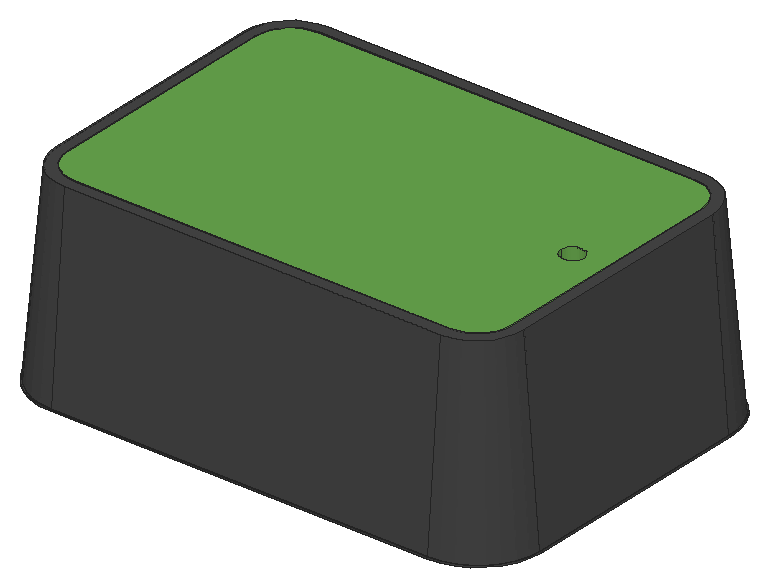
Revit family "PVB Professional Series - Standard Extension Valve Box", category Acessórios do tubo, Revit 2020
Family settings
  Cota do conector redondo = Utilizar diâmetro
  Tipo de parte = Normal
  Número OmniClass = 23.60.00.00
  Título OmniClass = General Purpose: Services
  Com base no plano de trabalho = Não
  Sempre na vertical = Sim
  Corte com vazios quando carregada = Não
  Compartilhado = Não
Parameters (values of type "Standard Extension Valve Box")
  DDT4 = 0.1 cm
  URL = "https://www.rainbird.com/"
  Top Width = 56.52 cm
  Top Length = 38.1 cm
  Top = 43.18 cm
  SupportProjetos: Reviw Date = ""  # constant formula
  SupportProjetos: Reviw = "R00"  # constant formula
  SupportProjetos: Level of Detail = "LOD300"  # constant formula
  SupportProjetos: Developed = "MICHEL SOARES MOTA"  # constant formula
  SupportProjetos: Creation Date = "05/09/2020"  # constant formula
  RainBird: Product Link = "https://www.rainbird.com/"
  RainBird: Description = "PVB Professional Series - Standard Extension Valve Box"
  RainBird: Comment = ""
  RainBird: Code = "A12508"  # constant formula
  R = 3.5 cm
  Plastic 2 = Green
  Plastic 1 = Black
  Open/Close Box [instance] = yes
  Modelo = "STDEXT"
  Height = 17.15 cm
  Elevação padrão = 0 cm
  Descrição = RainBird: Description  # "PVB Professional Series - Standard Extension Valve Box"
  DDT6 = 1.5 cm
  DDT5 = 2 cm
  DDT3 = Bottom / 2  # 23.97 cm
  DDT2 = Top / 2  # 21.59 cm
  DDT1 = 0.1 cm
  Bottom = 47.94 cm
Reference planes (cm)
  plane 1 "Centro (Frente/Trás)": y = 0
  plane 2: z = 0
  plane 3 "Centro (Esquerda/Direita)": x = 0
Forms (cm)
  Sweep 1, solid, material "Black" <- "Plastic 1"
    path origin (0, 0, 0) x (1, 0, 0) y (0, 1, 0)
      loop
        arc (-24.76, 19.05) -> (-27.2349, 18.0249) -> (-28.26, 15.55) r 3.5
        line (-28.26, 15.55) -> (-28.26, -15.55)
        arc (-28.26, -15.55) -> (-27.2349, -18.0249) -> (-24.76, -19.05) r 3.5
        line (-24.76, -19.05) -> (24.76, -19.05)
        arc (24.76, -19.05) -> (27.2349, -18.0249) -> (28.26, -15.55) r 3.5
        line (28.26, -15.55) -> (28.26, 15.55)
        arc (28.26, 15.55) -> (27.2349, 18.0249) -> (24.76, 19.05) r 3.5
        line (24.76, 19.05) -> (-24.76, 19.05)
    profile origin (0, 19.05, 0) x (0, 1, 0) y (0, 0, 1)
      loop
        line (2.54, 0) -> (1.04, 0) -> (1.04, -0.1) -> (2.4482, -0.1) -> (4.6282, -25.4) -> (4.92, -25.4) -> (4.92, -25.2) -> (4.82, -25.2) -> (4.82, -25.3) -> (4.72, -25.3) -> (2.54, 0)
  Extrusion 2, solid, material "Green" <- "Plastic 2", visible <- "Open/Close Box"
    sketch origin (0, 0, 0) x (1, 0, 0) y (0, 1, 0)
      loop
        arc (-29.2, -15.585) -> (-27.9098, -18.6998) -> (-24.795, -19.99) r 4.405
        line (-24.795, -19.99) -> (24.754, -19.99)
        arc (24.754, -19.99) -> (27.8978, -18.6878) -> (29.2, -15.544) r 4.446
        line (29.2, -15.544) -> (29.2, 15.59)
        arc (29.2, 15.59) -> (27.9113, 18.7013) -> (24.8, 19.99) r 4.4
        line (24.8, 19.99) -> (-24.7066, 19.99)
        arc (-24.7066, 19.99) -> (-27.8839, 18.6739) -> (-29.2, 15.4966) r 4.4934
        line (-29.2, 15.4966) -> (-29.2, -15.585)
    from -2 to 0
  Extrusion 3, void
    sketch origin (24.755, 13.6806, 0) x (1, 0, 0) y (0, 1, 0)
      loop
        circle (0, -13.6318) r 1.5
    from -2 to 0
Cuts and joins
  Extrusion 3 cuts Extrusion 2
Dimensions and locks (cm)
  equal spacing: Sweep 1 sketch curve, plane 3 "Centro (Esquerda/Direita)", Sweep 1 sketch curve
  equal spacing: Sweep 1 sketch curve, plane 1 "Centro (Frente/Trás)", Sweep 1 sketch curve
  "Top Length": Sweep 1 sketch curve to Sweep 1 sketch curve
  "Top Width": Sweep 1 sketch curve to Sweep 1 sketch curve
  "DDT2": plane 1 "Centro (Frente/Trás)" to Sweep 1 sketch curve
  "DDT3": plane 1 "Centro (Frente/Trás)" to Sweep 1 sketch curve
  level to Sweep 1 sketch curve = 25.4 cm
  "DDT1": Sweep 1 sketch curve to Sweep 1 sketch curve  (x6)
  "DDT5": level to Extrusion 2
  "DDT6": Sweep 1 sketch curve to Sweep 1 sketch curve
  "DDT4": Sweep 1 to Extrusion 2 sketch curve
  "DDT4": Extrusion 2 sketch curve to Sweep 1  (x3)
  "R": radius of Sweep 1 sketch curve  (x4)
  aligned and locked: level to plane 2
  aligned and locked: profile plane to Sweep 1 sketch curve
  aligned and locked: level to Extrusion 2
  aligned and locked: Extrusion 2 to Extrusion 3  (x2)
Automatic sketch dimensions
  plane 3 "Centro (Esquerda/Direita)" to Extrusion 3 sketch curve = 24.755 cm
  Extrusion 3 sketch curve to plane 1 "Centro (Frente/Trás)" = 0.0487 cm
  Extrusion 2 sketch curve to Extrusion 2 sketch curve = 4.405 cm
  Extrusion 2 sketch curve to Extrusion 2 sketch curve = 4.4934 cm
  Extrusion 2 sketch curve to Extrusion 2 sketch curve = 4.446 cm
  Extrusion 2 sketch curve to Extrusion 2 sketch curve = 4.4 cm
  radius of Extrusion 3 sketch curve = 1.5 cm
